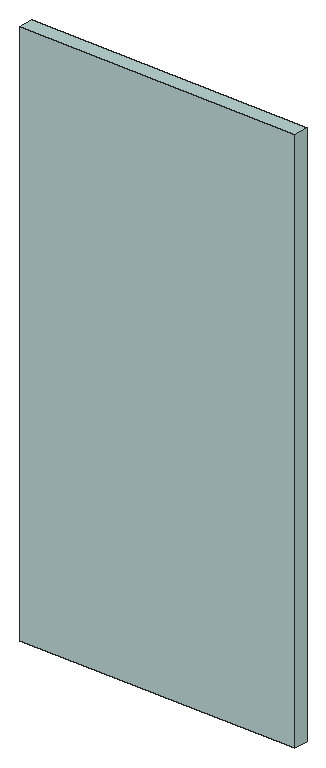
Revit family "Accessory-Teknion-EMWW_Thought_Board_Magnetic_Wood-R2016", category Furniture, Revit 2018
Family settings
  OmniClass Number = 23.40.20.00
  OmniClass Title = General Furniture and Specialties
  Work Plane-Based = No
  Always vertical = Yes
  Cut with Voids When Loaded = No
  Shared = Yes
  Room Calculation Point = No
Parameters (values of type "Thought Board, Magnetic Wood")
  Width [instance] = 14.500"
  Warranty = "http://www.teknion.com/ca/papers/legal-canada"
  Unit Weight URL = "http://www.teknion.com/ca/tools/assets#&asset=bee6a381-b954-425e-8283-5a2de3a804f2,f828d448-4b62-4231-9e5f-9a8991c0ed77"
  URL = "www.teknion.com"
  To render, please download texture images found here [instance] = "https://assets.teknion.com/web/5e81352c1dfdb467/revit-material-swatches/"
  Sustainability Data = "https://www.teknion.com/ca/tools/assets#&topic=216f99a5-57a0-44fc-b10a-9dee9b29ae4c&asset=444deb64-fe58-4b68-981e-f75e97781df7,b4ff2d81-9f2e-437d-9659-7cffb09c31cf"
  Series = "Emote"
  Product Page URL = "https://www.teknion.com/ca/products/product-details?productLineId=df54fb6e-8e7a-673b-a6c8-ff05004460c4"
  Product Line = "Emote"
  Product Documentation Link = "https://assets.teknion.com/m/e60fdd6154307a7/original/Emote-Sell-Sheet.pdf"
  Part Number = "EMWW"
  Model = "EMWW__"
  Manufacturer Phone = "416-661-3370"  # constant formula
  Manufacturer Fax = "416.661.4586"  # constant formula
  Manufacturer Contact Information = "http://www.teknion.com/ca/contactus"
  Manufacturer Address = "1150 Flint Road, Toronto, ON. M3J 2J5. Canada"  # constant formula
  Manufacturer = "Teknion"  # constant formula
  How To Use Teknion Materials User Guide [instance] = "https://assets.teknion.com/m/205dd0a49fa58060/original/How-to-add-a-Material-Library-and-Texture-Images-to-your-Revit-project.pdf"
  Height offset from the ground [instance] = 36.000"
  Height [instance] = 29.000"
  For Additional Finishes, please visit [instance] = "https://assets.teknion.com/m/44a8009b046e5d47/original/Teknion_Materials_Library.zip"
  Finish [instance] = Wood - Teknion - 1F - Chroma Wood - Herbal Coordinate
  Description = "Thought Board, Magnetic Wood"
  Available Widths [instance] = "14.5, 29, 36, 42, 48 inches."  # constant formula
  Available Heights [instance] = if(not(or(Width = 36.000", Width = 42.000", Width = 48.000")), "14.5 or 29 inches.", "14.5 inches.")  # "14.5 or 29 inches."
  Assembly Code = "E2020200"
Reference planes (in)
  plane 1 "Center Front/Back": y = 0.09873
  plane 2: z = 0
  plane 3 "Center Left/Right": x = -0.44953
  plane 4 "Left": x = -7.69953
  plane 5 "Right": x = 6.80047
  plane 6 "Back": y = 0.47373
  plane 7 "Front": y = -0.27627
  plane 8 "Top": z = 65
  plane 9: z = 36
Forms (in)
  Sweep 1, solid, material "Wood - Teknion - 1F - Chroma Wood - Herbal Coordinate" <- "Finish"
    path origin (0, 0.09873, 0) x (1, 0, 0) y (0, 0, 1)
      loop
        line (-0.44953, 36) -> (-0.44953, 65)
    profile origin (-0.44953, 0.09873, 50.5) x (-1, 0, 0) y (0, -1, 0)
      loop
        line (7.25, -0.375) -> (7.25, 0.375) -> (-7.25, 0.375) -> (-7.25, -0.375) -> (7.25, -0.375)
Lines and regions (in)
  Masking region 1
    outline origin (0, 0, 0) x (1, 0, 0) y (0, 1, 0)
      loop
        line (-7.69953, 0.47373) -> (-7.69953, -0.27627) -> (6.80047, -0.27627) -> (6.80047, 0.47373) -> (-7.69953, 0.47373)
Dimensions and locks (in)
  "Width": plane 4 "Left" to plane 5 "Right"
  equal spacing: plane 6 "Back", plane 1 "Center Front/Back", plane 7 "Front", locked at 0.375 each
  "Height offset from the ground": plane 9 to level
  "Height": plane 8 "Top" to plane 9
  equal spacing: plane 4 "Left", plane 3 "Center Left/Right", plane 5 "Right"
  aligned and locked: level to plane 2
  aligned and locked: plane 8 "Top" to Sweep 1 sketch curve
  aligned and locked: plane 9 to Sweep 1 sketch curve
  aligned and locked: plane 3 "Center Left/Right" to Sweep 1 sketch curve
  aligned and locked: Sweep 1 sketch curve to plane 6 "Back"
  aligned and locked: plane 4 "Left" to Sweep 1 sketch curve
  aligned and locked: Sweep 1 sketch curve to plane 5 "Right"
  aligned and locked: Masking region 1 sketch curve to plane 6 "Back"
  aligned and locked: Masking region 1 sketch curve to plane 4 "Left"
  aligned and locked: Masking region 1 sketch curve to plane 7 "Front"
  aligned and locked: Masking region 1 sketch curve to plane 5 "Right"
  aligned and locked: Sweep 1 sketch curve to plane 7 "Front"
